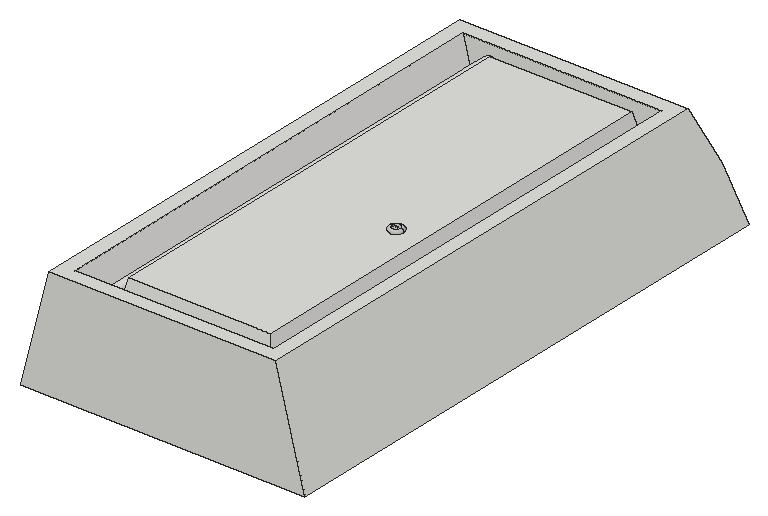
Revit family "Fire_Extinguisher_Cabinet-Whitehall-BestCare-WH1754-A", category Specialty Equipment, host Face, Revit 2018
Family settings
  Host = Face
  Round Connector Dimension = Use Diameter
  Part Type = Normal
  OmniClass Number = 23.65.70.17.27
  OmniClass Title = Fire Extinguishers
  Cut with Voids When Loaded = No
  Shared = Yes
  Room Calculation Point = No
Parameters (values of type "WH1754-A")
  Width = 15"  # constant formula
  URL = "http://www.whitehallmfg.com/"
  Type Comments = ""
  Product Page URL = "https://www.whitehallmfg.com/product.aspx?ProductId=954"
  Product Documentation Link = "https://www.whitehallmfg.com/uploads/fileLibrary/WH1754-A.pdf"
  Model = "WH1754-A"
  Material = "Stainless Steel-Whitehall-Powder Coated White"  # constant formula
  Manufacturer = "Whitehall Manufacturing"  # constant formula
  Length = 5 7/8"  # constant formula
  Installation Type = "Wall Mounted"  # constant formula
  Height = 29 1/4"  # constant formula
  Description = "BestCare® Ligature-Resistant Surface Mount Fire Extinguisher Cabinet"  # constant formula
  Default Elevation = 0"
  Creation Date = "04/21/2022"  # constant formula
  Body Material = Stainless Steel-Whitehall-Powder Coated White
  Assembly Code = "D4030200"
Reference planes (in)
  plane 1 "Center (Front/Back)": y = 0.5
  plane 2: z = 0
  plane 3 "Center (Left/Right)": x = 0
  plane 4: x = -7.5
  plane 5: x = 7.5
  plane 6: x = -6
  plane 7: z = 5.875
  plane 8: y = -14.125
  plane 9: y = 15.125
  plane 10: x = 6
  plane 11: x = -5.25
  plane 12: x = 5.25
Forms (in)
  Blend 1, solid, material "Stainless Steel-Whitehall-Powder Coated White" <- "Body Material"
    base sketch origin (0.625, -1.58594, 0) x (1, 0, 0) y (0, 1, 0)
      loop
        line (-4.5, 13.6875) -> (-4.5, -11.625) -> (4.5, -11.625) -> (4.5, 13.6875) -> (-4.5, 13.6875)
    top sketch origin (0.625, -1.58594, 0) x (1, 0, 0) y (0, 1, 0)
      loop
        line (-3.75, 12.9375) -> (-3.75, -10.875) -> (3.75, -10.875) -> (3.75, 12.9375) -> (-3.75, 12.9375)
    from 2.31424 to 5.875
  Blend 2, void
    base sketch origin (0, 0, 0) x (1, 0, 0) y (0, 1, 0)
      loop
        line (-4.25, 12.125) -> (-4.25, -13.22888) -> (5.14501, -13.22888) -> (5.14501, 12.125) -> (-4.25, 12.125)
    top sketch origin (0, 0, 0) x (1, 0, 0) y (0, 1, 0)
      loop
        line (-5.25, 12.23052) -> (-5.25, -13.375) -> (5.25, -13.375) -> (5.25, 12.23052) -> (-5.25, 12.23052)
    from 2.31424 to 5.875
  Extrusion 3, solid, material "Stainless Steel-Whitehall-Powder Coated White" <- "Body Material"
    sketch origin (-0.8125, 0.5, 5.0625) x (1, 0, 0) y (0, 0, 1)
      loop
        circle (-3, 0) r 0.25
    from -12.5 to 13.72888
  Extrusion 4, solid, material "Stainless Steel-Whitehall-Powder Coated White" <- "Body Material"
    sketch origin (-17.5, 28.05, 0) x (0, -1, 0) y (0, 0, -1)
      loop
        line (42.175, 0) -> (12.925, 0) -> (13.72885, -3) -> (15.06948, -5.875) -> (42.175, -5.875) -> (42.175, 0)
    from 10 to 25
  Extrusion 5, void
    sketch origin (-17.5, -14.125, 0) x (0, 0, -1) y (-1, 0, 0)
      loop
        line (0, -10) -> (0, -8) -> (-5.875, -8) -> (-5.875, -11.5) -> (0, -10)
      loop
        line (0, -25) -> (-5.875, -23.5) -> (-5.875, -27) -> (0, -27) -> (0, -25)
    from 0 to 29.25
  Sweep 6, solid, material "Metal-Whitehall-Stainless Steel"
    path origin (-0.53125, -2.90625, 5.125) x (1, 0, 0) y (0, 1, 0)
      loop
        circle (3.4848, 0.5) r 0.25
    profile origin (2.95355, -2.15625, 5.125) x (0, -1, 0) y (0, 0, 1)
      loop
        line (0, 0.75) -> (0, 0.88372)
        arc (0, 0.88372) -> (-0.09456, 0.84456) -> (-0.13372, 0.75) r 0.13372
        line (-0.13372, 0.75) -> (0, 0.75)
  Extrusion 7, solid, material "Metal-Whitehall-Stainless Steel"
    sketch origin (0, -2.90625, 3.125) x (1, 0, 0) y (0, 1, 0)
      loop
        circle (2.95355, 0.5) r 0.25
      loop
        line (2.77025, 0.54419) -> (2.77025, 0.46197) -> (3.13341, 0.46197) -> (3.13341, 0.54419) -> (2.77025, 0.54419)
    from 2.75 to 2.88372
Cuts and joins
  Blend 2, Extrusion 5 cuts Extrusion 4
  joined: Sweep 6, Extrusion 7
Lines and regions (in)
  Masking region 1
    outline origin (0, 0.5, 0) x (1, 0, 0) y (0, 0, 1)
      loop
        line (6, 5.875) -> (3.33728, 5.875)
        arc (3.33728, 5.875) -> (3.29811, 5.96956) -> (3.20355, 6.00872) r 0.13372
        line (3.20355, 6.00872) -> (2.70355, 6.00872)
        arc (2.70355, 6.00872) -> (2.609, 5.96956) -> (2.56983, 5.875) r 0.13372
        line (2.56983, 5.875) -> (-6, 5.875) -> (-7.5, 0) -> (7.5, 0) -> (6, 5.875)
  symbolic lines, detail levels fine
    curve 1: line (6, 0.5, 5.875) -> (-6, 0.5, 5.875)
  symbolic lines, detail levels medium+fine
    curve 2: line (-6.73404, 0.5, 3) -> (6.73404, 0.5, 3)
Dimensions and locks (in)
  equal spacing: plane 4, plane 3 "Center (Left/Right)", plane 5
  "Width": plane 4 to plane 5
  plane 4 to plane 6 = 1 1/2"
  "Length": plane 7 to host face
  equal spacing: plane 8, plane 1 "Center (Front/Back)", plane 9
  plane 8 to plane 9 = 29 1/4"
  "Height": plane 9 to plane 8
  plane 10 to plane 5 = 1 1/2"
  var sketch to Blend 1 sketch curve = 3/4"
  aligned and locked: plane 2 to host face
  aligned and locked: level to host face
  aligned and locked: Extrusion 4 to plane 5
  aligned and locked: Extrusion 4 to plane 4
  aligned and locked: Blend 2 sketch curve to plane 11
  aligned and locked: Blend 2 sketch curve to plane 12
  aligned and locked: Extrusion 7 sketch curve to Sweep 6
  aligned and locked: Extrusion 7 to Sweep 6
  aligned and locked: Masking region 1 sketch curve to cut or joined group of Blend 2, Extrusion 4, Extrusion 5  (x3)
  aligned and locked: host face to Masking region 1 sketch curve
  aligned and locked: curve 1 to cut or joined group of Blend 2, Extrusion 4, Extrusion 5
  aligned and locked: curve 2 to cut or joined group of Blend 2, Extrusion 4, Extrusion 5
Automatic sketch dimensions
  host sketch curve to host sketch curve = 96"  (x2)
  Blend 1 sketch curve to plane 11 = 1 3/8"
  Blend 1 sketch curve to plane 12 = 1/8"
  plane 8 to Blend 1 sketch curve = 117/128"
  plane 9 to Blend 1 sketch curve = 3 3/128"
  Blend 1 sketch curve to plane 12 = 7/8"
  plane 8 to Blend 1 sketch curve = 1 85/128"
  plane 9 to Blend 1 sketch curve = 3 99/128"
  Blend 2 sketch curve to plane 11 = 1"
  Blend 2 sketch curve to plane 12 = 0.10499"
  plane 8 to Blend 2 sketch curve = 0.89612"
  plane 9 to Blend 2 sketch curve = 3"
  plane 8 to Blend 2 sketch curve = 3/4"
  plane 9 to Blend 2 sketch curve = 2.89448"
  Extrusion 3 sketch curve to plane 11 = 1 7/16"
  Extrusion 3 sketch curve to plane 7 = 13/16"
  Extrusion 4 sketch curve to level = 0"
  Extrusion 4 sketch curve to plane 9 = 0"
  Extrusion 4 sketch curve to plane 7 = 0"
  Extrusion 4 sketch curve to plane 8 = 0"
  plane 9 to Extrusion 4 sketch curve = 0.80385"
  plane 9 to Extrusion 4 sketch curve = 2.14448"
  Extrusion 4 sketch curve to plane 7 = 2 7/8"
  Extrusion 5 sketch curve to Extrusion 4 = 0"  (x6)
  Extrusion 4 to Extrusion 5 sketch curve = 2"  (x2)
  Extrusion 5 sketch curve to Extrusion 4 = 1 1/2"  (x2)
  Sweep 6 sketch curve to plane 12 = 2.29645"
  plane 1 "Center (Front/Back)" to Sweep 6 sketch curve = 2 29/32"
  Sweep 6 sketch curve to profile plane = 0"
  profile plane to Sweep 6 sketch curve = 0.13372"
  profile plane to Sweep 6 sketch curve = 3/4"
  Extrusion 7 sketch curve to Extrusion 7 sketch curve = 0.18331"
  Extrusion 7 sketch curve to Extrusion 7 sketch curve = 0.17985"
  Extrusion 7 sketch curve to Extrusion 7 sketch curve = 0.03803"
  Extrusion 7 sketch curve to Extrusion 7 sketch curve = 0.08222"
  Masking region 1 sketch curve to plane 12 = 2.54645"
  Masking region 1 sketch curve to Masking region 1 sketch curve = 1/2"
  Masking region 1 sketch curve to Masking region 1 sketch curve = 0.13372"
  Masking region 1 sketch curve to plane 7 = 0"
  curve 1 to plane 6 = 0"
  plane 10 to curve 1 = 0"
  curve 2 to plane 6 = 0.73404"
  curve 2 to plane 10 = 0.73404"
  radius of Extrusion 3 sketch curve = 1/4"
  radius of Sweep 6 sketch curve = 1/4"
